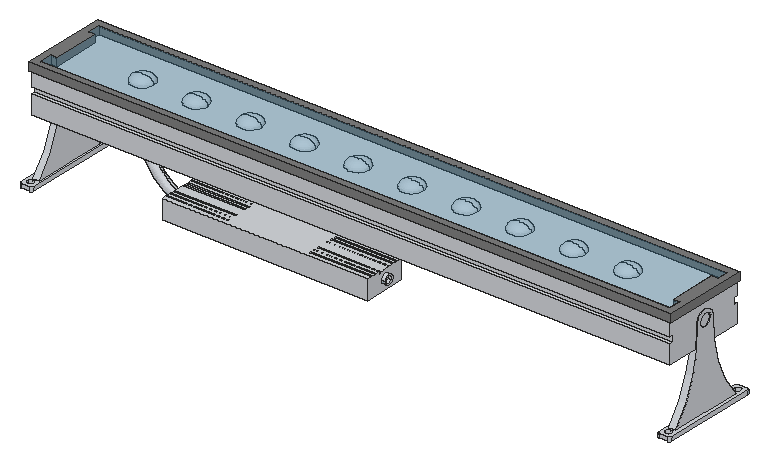
Revit family "WALL WASHER HIGH POWER LED 50CM_LK1036WW.30", category Luminarias, Revit 2019
Family settings
  Cota de conector redondo = Diámetro de uso
  Tipo de pieza = Normal
  Se basa en plano de trabajo = Sí
  Siempre vertical = No
  Corte con vacíos al cargar = No
  Origen de luz = Sí
  Compartido = No
  Punto de cálculo de habitación = No
Parameters (values of type "REFL_LK1036WW.30")
  Ángulo de inclinación = 60.00°
  Zone [instance] = ""
  Watt per fixture = 20.8
  Wattage = 20.8 W
  built-in parameter 1150107 = 3000 (stored number, unit not read)
  built-in parameter 1150110 = 1 (stored number, unit not read)
  built-in parameter 1150109 = 1 (stored number, unit not read)
  built-in parameter 1150112 = 1 (stored number, unit not read)
  built-in parameter 1150113 = 1 (stored number, unit not read)
  built-in parameter 1114218 = 1 (stored number, unit not read)
  Keynote = ""
  built-in parameter 1150137 = (empty or 0)
  built-in parameter 1150132 = (empty or 0)
  Modelo = "LK1036WW.30"
  Lámpara = "OSRAM"
  Longitud de línea de emisión = 400 mm
  built-in parameter 1150105 = 106.46 (stored number, unit not read)
  built-in parameter 1150102 = (empty or 0)
  built-in parameter 1150106 = 1.0646 (stored number, unit not read)
  Lumens = 1337.86 lm
  Color Filter = 16777215
  built-in parameter 1114217 = 1 (stored number, unit not read)
  built-in parameter 1150139 = (empty or 0)
  Fabricante = "BRILLANT"
  Default Elevation = 0 mm
  built-in parameter 1150104 = 5.9755 (stored number, unit not read)
  Descripción = "LUMINARIA TIPO REFLECTOR LINEAL, WALL WASHER , CUERPO DE ALUMINIO EXTRUIDO CON POLVO GRIS, VIDRIO TEMPLADO DE 3MM ADEMAS DEL SELLADO CON SILICON EN VIDRIO Y HOUSING, CUENTA CON 10 LED TIPO OSRAM CON UN CONSUMO TOTAL DE 20.8W, 1338 LUMENES, CON UNA TEMPERATURA EN BLANCO CALIDO A 3000K, IP 66, IRC 80, IK 05, CABLE H05RN DE 0.5M, APERTURA DE 30 GRADOS EN STOCK, ALIMENTADA CON FUENTE REMOTA A 100-277V."
  built-in parameter 1150115 = 1 (stored number, unit not read)
  built-in parameter 1150114 = 1 (stored number, unit not read)
  Comentarios de vataje = "100-277V"
  built-in parameter 1150138 = (empty or 0)
  built-in parameter 1150134 = (empty or 0)
  Circuit [instance] = ""
  Dimming Lamp Color Temperature Shift = 1
  Archivo de red fotométrica = "LK1036WW.IES"
  built-in parameter 1150133 = 10 (stored number, unit not read)
Reference planes
  plane 1 "Centro (Frontal/Posterior)": y = 0
  plane 2: z = 0
  plane 3 "Centro (Izquierda/Derecha)": x = 0
  plane 4: x = -250
  plane 5: x = 250
  plane 6: z = 86
  plane 7: z = 3
  plane 8: x = 0
Forms (mm)
  Extrusion 1, solid, material "Aluminio"
    sketch origin (0, 0, 0) x (1, 0, 0) y (0, 1, 0)
      loop
        line (-250, 33.5) -> (-250, -33.5) -> (250, -33.5) -> (250, 33.5) -> (-250, 33.5)
      loop
        line (-245, -28.5) -> (245, -28.5) -> (245, -18.5) -> (240, -18.5) -> (240, 18.5) -> (245, 18.5) -> (245, 28.5) -> (-245, 28.5) -> (-245, 18.5) -> (-240, 18.5) -> (-240, -18.5) -> (-245, -18.5) -> (-245, -28.5)
    from 86 to 79.969
  Extrusion 2, solid
    sketch origin (0, 0, 0) x (1, 0, 0) y (0, 1, 0)
      loop
        arc (-245.182, -38.75) -> (-243.931, -38.232) -> (-243.412, -36.98) r 1.77
        line (-243.412, -36.98) -> (-243.412, 36.98)
        arc (-243.412, 36.98) -> (-243.931, 38.232) -> (-245.182, 38.75) r 1.77
        line (-245.182, 38.75) -> (-251.643, 38.75)
        arc (-251.643, 38.75) -> (-252.894, 38.232) -> (-253.412, 36.98) r 1.77
        line (-253.412, 36.98) -> (-253.412, -36.98)
        arc (-253.412, -36.98) -> (-252.894, -38.232) -> (-251.643, -38.75) r 1.77
        line (-251.643, -38.75) -> (-245.182, -38.75)
      loop
        circle (-248.412, -33.75) r 2.617
      loop
        circle (-248.412, 33.75) r 2.617
      loop
        line (245.182, -38.75) -> (251.643, -38.75)
        arc (251.643, -38.75) -> (252.894, -38.232) -> (253.412, -36.98) r 1.77
        line (253.412, -36.98) -> (253.412, 36.98)
        arc (253.412, 36.98) -> (252.894, 38.232) -> (251.643, 38.75) r 1.77
        line (251.643, 38.75) -> (245.182, 38.75)
        arc (245.182, 38.75) -> (243.931, 38.232) -> (243.412, 36.98) r 1.77
        line (243.412, 36.98) -> (243.412, -36.98)
        arc (243.412, -36.98) -> (243.931, -38.232) -> (245.182, -38.75) r 1.77
      loop
        circle (248.412, -33.75) r 2.617
      loop
        circle (248.412, 33.75) r 2.617
    from 0 to 3
  Extrusion 3, solid
    sketch origin (0, 0, 57.505) x (0, -1, 0) y (0, 0, -1)
      loop
        circle (0, -9.725) r 5
      loop
        arc (-7.232, -9.725) -> (0, -16.957) -> (7.232, -9.725) r 7.232
        arc (7.232, -9.725) -> (12.387, 24.386) -> (29.21, 54.505) r 96.512
        line (29.21, 54.505) -> (0.469, 54.505) -> (0.469, 19.505) -> (-0.469, 19.505) -> (-0.469, 54.505) -> (-29.21, 54.505)
        arc (-29.21, 54.505) -> (-12.387, 24.386) -> (-7.232, -9.725) r 96.512
    from 245 to 250
  Extrusion 4, solid, material "Cristal"
    sketch origin (0, 0, 0) x (1, 0, 0) y (0, 1, 0)
      loop
        line (-245, 28.5) -> (-245, 18.5) -> (-240, 18.5) -> (-240, -18.5) -> (-245, -18.5) -> (-245, -28.5) -> (245, -28.5) -> (245, -18.5) -> (240, -18.5) -> (240, 18.5) -> (245, 18.5) -> (245, 28.5) -> (-245, 28.5)
    from 86 to 85.337
  Revolve 5, solid
    sketch origin (0, 0, 1.84) x (1, 0, 0) y (0, 0, 1)
      loop
        line (105.714, 83.128) -> (105.714, 78.128) -> (114.371, 78.128)
        spline (114.371, 78.128) -> (114.297, 78.781) -> (114.076, 79.422) -> (113.712, 80.042) -> (113.211, 80.628) -> (112.582, 81.172) -> (111.835, 81.664) -> (110.984, 82.095) -> (110.043, 82.458) -> (109.027, 82.748) -> (107.955, 82.958) -> (106.844, 83.085) -> (105.714, 83.128)
      axis (105.714, 78.128) -> (105.714, 83.128)
    angle from 0 to 360
  Revolve 6, solid
    sketch origin (-42, 0, 1.84) x (1, 0, 0) y (0, 0, 1)
      loop
        line (105.714, 83.128) -> (105.714, 78.128) -> (114.371, 78.128)
        spline (114.371, 78.128) -> (114.297, 78.781) -> (114.076, 79.422) -> (113.712, 80.042) -> (113.211, 80.628) -> (112.582, 81.172) -> (111.835, 81.664) -> (110.984, 82.095) -> (110.043, 82.458) -> (109.027, 82.748) -> (107.955, 82.958) -> (106.844, 83.085) -> (105.714, 83.128)
      axis (105.714, 78.128) -> (105.714, 83.128)
    angle from 0 to 360
  Revolve 7, solid
    sketch origin (-84, 0, 1.84) x (1, 0, 0) y (0, 0, 1)
      loop
        line (105.714, 83.128) -> (105.714, 78.128) -> (114.371, 78.128)
        spline (114.371, 78.128) -> (114.297, 78.781) -> (114.076, 79.422) -> (113.712, 80.042) -> (113.211, 80.628) -> (112.582, 81.172) -> (111.835, 81.664) -> (110.984, 82.095) -> (110.043, 82.458) -> (109.027, 82.748) -> (107.955, 82.958) -> (106.844, 83.085) -> (105.714, 83.128)
      axis (105.714, 78.128) -> (105.714, 83.128)
    angle from 0 to 360
  Revolve 8, solid
    sketch origin (-126, 0, 1.84) x (1, 0, 0) y (0, 0, 1)
      loop
        line (105.714, 83.128) -> (105.714, 78.128) -> (114.371, 78.128)
        spline (114.371, 78.128) -> (114.297, 78.781) -> (114.076, 79.422) -> (113.712, 80.042) -> (113.211, 80.628) -> (112.582, 81.172) -> (111.835, 81.664) -> (110.984, 82.095) -> (110.043, 82.458) -> (109.027, 82.748) -> (107.955, 82.958) -> (106.844, 83.085) -> (105.714, 83.128)
      axis (105.714, 78.128) -> (105.714, 83.128)
    angle from 0 to 360
  Revolve 9, solid
    sketch origin (-168, 0, 1.84) x (1, 0, 0) y (0, 0, 1)
      loop
        line (105.714, 83.128) -> (105.714, 78.128) -> (114.371, 78.128)
        spline (114.371, 78.128) -> (114.297, 78.781) -> (114.076, 79.422) -> (113.712, 80.042) -> (113.211, 80.628) -> (112.582, 81.172) -> (111.835, 81.664) -> (110.984, 82.095) -> (110.043, 82.458) -> (109.027, 82.748) -> (107.955, 82.958) -> (106.844, 83.085) -> (105.714, 83.128)
      axis (105.714, 78.128) -> (105.714, 83.128)
    angle from 0 to 360
  Revolve 10, solid
    sketch origin (-210, 0, 1.84) x (1, 0, 0) y (0, 0, 1)
      loop
        line (105.714, 83.128) -> (105.714, 78.128) -> (114.371, 78.128)
        spline (114.371, 78.128) -> (114.297, 78.781) -> (114.076, 79.422) -> (113.712, 80.042) -> (113.211, 80.628) -> (112.582, 81.172) -> (111.835, 81.664) -> (110.984, 82.095) -> (110.043, 82.458) -> (109.027, 82.748) -> (107.955, 82.958) -> (106.844, 83.085) -> (105.714, 83.128)
      axis (105.714, 78.128) -> (105.714, 83.128)
    angle from 0 to 360
  Extrusion 11, solid
    sketch origin (-86.286, 0, 0) x (1, 0, 0) y (0, 1, 0)
      loop
        circle (-102, 0) r 7.477
    from 46.607 to 49.683
  Extrusion 12, solid
    sketch origin (-86.286, 0, 0) x (1, 0, 0) y (0, 1, 0)
      loop
        line (-102, 7.477) -> (-108.476, 3.739) -> (-108.476, -3.739) -> (-102, -7.477) -> (-95.524, -3.739) -> (-95.524, 3.739) -> (-102, 7.477)
    from 43.841 to 46.607
  Extrusion 13, solid
    sketch origin (0, 0, 0) x (1, 0, 0) y (0, 1, 0)
      loop
        line (-248.412, 32.016) -> (-248.412, -32.654) -> (248.545, -32.654) -> (248.545, 32.016) -> (-248.412, 32.016)
    from 49.683 to 79.969
  Revolve 14, solid
    sketch origin (42, 0, 1.84) x (1, 0, 0) y (0, 0, 1)
      loop
        line (105.714, 83.128) -> (105.714, 78.128) -> (114.371, 78.128)
        spline (114.371, 78.128) -> (114.297, 78.781) -> (114.076, 79.422) -> (113.712, 80.042) -> (113.211, 80.628) -> (112.582, 81.172) -> (111.835, 81.664) -> (110.984, 82.095) -> (110.043, 82.458) -> (109.027, 82.748) -> (107.955, 82.958) -> (106.844, 83.085) -> (105.714, 83.128)
      axis (105.714, 78.128) -> (105.714, 83.128)
    angle from 0 to 360
  Revolve 15, solid
    sketch origin (84, 0, 1.84) x (1, 0, 0) y (0, 0, 1)
      loop
        line (105.714, 83.128) -> (105.714, 78.128) -> (114.371, 78.128)
        spline (114.371, 78.128) -> (114.297, 78.781) -> (114.076, 79.422) -> (113.712, 80.042) -> (113.211, 80.628) -> (112.582, 81.172) -> (111.835, 81.664) -> (110.984, 82.095) -> (110.043, 82.458) -> (109.027, 82.748) -> (107.955, 82.958) -> (106.844, 83.085) -> (105.714, 83.128)
      axis (105.714, 78.128) -> (105.714, 83.128)
    angle from 0 to 360
  Revolve 16, solid
    sketch origin (-252, 0, 1.84) x (1, 0, 0) y (0, 0, 1)
      loop
        line (105.714, 83.128) -> (105.714, 78.128) -> (114.371, 78.128)
        spline (114.371, 78.128) -> (114.297, 78.781) -> (114.076, 79.422) -> (113.712, 80.042) -> (113.211, 80.628) -> (112.582, 81.172) -> (111.835, 81.664) -> (110.984, 82.095) -> (110.043, 82.458) -> (109.027, 82.748) -> (107.955, 82.958) -> (106.844, 83.085) -> (105.714, 83.128)
      axis (105.714, 78.128) -> (105.714, 83.128)
    angle from 0 to 360
  Revolve 17, solid
    sketch origin (-294, 0, 1.84) x (1, 0, 0) y (0, 0, 1)
      loop
        line (105.714, 83.128) -> (105.714, 78.128) -> (114.371, 78.128)
        spline (114.371, 78.128) -> (114.297, 78.781) -> (114.076, 79.422) -> (113.712, 80.042) -> (113.211, 80.628) -> (112.582, 81.172) -> (111.835, 81.664) -> (110.984, 82.095) -> (110.043, 82.458) -> (109.027, 82.748) -> (107.955, 82.958) -> (106.844, 83.085) -> (105.714, 83.128)
      axis (105.714, 78.128) -> (105.714, 83.128)
    angle from 0 to 360
  Extrusion 18, void
    sketch origin (0, 0, 0) x (0, 1, 0) y (0, 0, 1)
      loop
        line (-32.654, 69.191) -> (-32.654, 64.191) -> (-29.884, 64.191) -> (-29.884, 69.191) -> (-32.654, 69.191)
      loop
        line (32.654, 69.191) -> (29.884, 69.191) -> (29.884, 64.191) -> (32.654, 64.191) -> (32.654, 69.191)
    from -250 to 250
  Extrusion 19, solid
    sketch origin (0, 0, 57.505) x (0, -1, 0) y (0, 0, 1)
      loop
        circle (0, 9.725) r 5
      loop
        arc (-7.232, 9.725) -> (-12.387, -24.386) -> (-29.21, -54.505) r 96.512
        line (-29.21, -54.505) -> (-0.469, -54.505) -> (-0.469, -19.505) -> (0.469, -19.505) -> (0.469, -54.505) -> (29.21, -54.505)
        arc (29.21, -54.505) -> (12.387, -24.386) -> (7.232, 9.725) r 96.512
        arc (7.232, 9.725) -> (0, 16.957) -> (-7.232, 9.725) r 7.232
    from 245 to 250
  Extrusion 20, solid
    sketch origin (0, 0, 0) x (1, 0, 0) y (0, 1, 0)
      loop
        line (-159.783, 16) -> (-159.783, -16) -> (0.217, -16) -> (0.217, 16) -> (-159.783, 16)
    from 0 to 15
  Extrusion 21, void
    sketch origin (0, 0, 0) x (1, 0, 0) y (0, 1, 0)
      loop
        line (-159.783, 12.695) -> (-159.783, 11.445) -> (-111.686, 11.445) -> (-111.686, 12.695) -> (-159.783, 12.695)
      loop
        line (-159.783, 8.945) -> (-159.783, 7.695) -> (-111.686, 7.695) -> (-111.686, 8.945) -> (-159.783, 8.945)
      loop
        line (-159.783, 5.195) -> (-159.783, 3.945) -> (-111.686, 3.945) -> (-111.686, 5.195) -> (-159.783, 5.195)
      loop
        line (-159.783, -12.695) -> (-111.686, -12.695) -> (-111.686, -11.445) -> (-159.783, -11.445) -> (-159.783, -12.695)
      loop
        line (-159.783, -8.945) -> (-111.686, -8.945) -> (-111.686, -7.695) -> (-159.783, -7.695) -> (-159.783, -8.945)
      loop
        line (-159.783, -5.195) -> (-111.686, -5.195) -> (-111.686, -3.945) -> (-159.783, -3.945) -> (-159.783, -5.195)
      loop
        line (0.217, 12.695) -> (-47.88, 12.695) -> (-47.88, 11.445) -> (0.217, 11.445) -> (0.217, 12.695)
      loop
        line (0.217, 8.945) -> (-47.88, 8.945) -> (-47.88, 7.695) -> (0.217, 7.695) -> (0.217, 8.945)
      loop
        line (0.217, 5.195) -> (-47.88, 5.195) -> (-47.88, 3.945) -> (0.217, 3.945) -> (0.217, 5.195)
      loop
        line (0.217, -12.695) -> (0.217, -11.445) -> (-47.88, -11.445) -> (-47.88, -12.695) -> (0.217, -12.695)
      loop
        line (0.217, -8.945) -> (0.217, -7.695) -> (-47.88, -7.695) -> (-47.88, -8.945) -> (0.217, -8.945)
      loop
        line (0.217, -5.195) -> (0.217, -3.945) -> (-47.88, -3.945) -> (-47.88, -5.195) -> (0.217, -5.195)
    from 13.385 to 15
  Extrusion 22, solid
    sketch origin (0, 0, 0) x (0, 1, 0) y (0, 0, 1)
      loop
        circle (0, 8.771) r 3.442
      loop
        line (2.746, 10.356) -> (0, 11.942) -> (-2.746, 10.356) -> (-2.746, 7.185) -> (0, 5.6) -> (2.746, 7.185) -> (2.746, 10.356)
    from -163.333 to -156.969
  Extrusion 23, solid
    sketch origin (-124.565, 0, 0) x (0, 1, 0) y (0, 0, -1)
      loop
        circle (0, -8.771) r 3.442
      loop
        line (2.746, -10.356) -> (2.746, -7.185) -> (0, -5.6) -> (-2.746, -7.185) -> (-2.746, -10.356) -> (0, -11.942) -> (2.746, -10.356)
    from -128.252 to -124.565
  Sweep 24, solid
    path origin (17.303, 0, 13.216) x (1, 0, 0) y (0, 0, 1)
      loop
        arc (-188.601, 37.696) -> (-183.417, 21.627) -> (-170.773, 10.436) r 31.987
    profile origin (-166.114, 0, 34.843) x (0.836903, 0, 0.547351) y (0, -1, 0)
      loop
        circle (-16.782, 0) r 3.712
Cuts and joins
  Extrusion 18 cuts Extrusion 13
  Extrusion 21 cuts Extrusion 20
Dimensions and locks
  equal spacing: plane 4, plane 3 "Centro (Izquierda/Derecha)", plane 5
  plane 4 to plane 5 = 500 mm
  plane 4 to plane 3 "Centro (Izquierda/Derecha)" = 250 mm
  plane 6 to plane 2 = 86 mm
  plane 6 to level = 86 mm
  plane 7 to level = 3 mm
  aligned and locked: level to plane 2
  aligned and locked: plane 7 to Extrusion 2
  aligned and locked: Extrusion 1 to plane 6
  aligned and locked: Extrusion 1 to Extrusion 4
  aligned and locked: Extrusion 1 to Extrusion 18  (x2)
  aligned and locked: Extrusion 1 to Extrusion 3
  aligned and locked: Extrusion 3 to Extrusion 1
Automatic sketch dimensions
  Extrusion 1 sketch curve to plane 4 = 0 mm
  Extrusion 1 sketch curve to plane 5 = 0 mm
  plane 4 to Extrusion 1 sketch curve = 5 mm  (x2)
  Extrusion 1 sketch curve to Extrusion 1 sketch curve = 5 mm  (x4)
  Extrusion 1 sketch curve to plane 5 = 10 mm
  Extrusion 1 sketch curve to plane 5 = 5 mm
  plane 1 "Centro (Frontal/Posterior)" to Extrusion 1 sketch curve = 33.5 mm
  Extrusion 1 sketch curve to Extrusion 1 sketch curve = 10 mm  (x3)
  Extrusion 1 sketch curve to plane 1 "Centro (Frontal/Posterior)" = 18.5 mm  (x2)
  Extrusion 2 sketch curve to plane 4 = 3.412 mm
  Extrusion 2 sketch curve to plane 4 = 1.643 mm  (x2)
  plane 4 to Extrusion 2 sketch curve = 1.588 mm  (x2)
  plane 4 to Extrusion 2 sketch curve = 4.818 mm
  Extrusion 2 sketch curve to Extrusion 2 sketch curve = 3.23 mm  (x5)
  Extrusion 2 sketch curve to Extrusion 2 sketch curve = 1.77 mm  (x4)
  Extrusion 2 sketch curve to plane 5 = 6.588 mm
  Extrusion 2 sketch curve to plane 5 = 1.588 mm  (x2)
  plane 5 to Extrusion 2 sketch curve = 1.643 mm  (x2)
  plane 1 "Centro (Frontal/Posterior)" to Extrusion 2 sketch curve = 38.75 mm  (x2)
  Extrusion 2 sketch curve to plane 1 "Centro (Frontal/Posterior)" = 33.75 mm  (x2)
  Extrusion 3 sketch curve to Extrusion 3 sketch curve = 0 mm  (x2)
  Extrusion 3 sketch curve to plane 7 = 0 mm  (x2)
  Extrusion 3 sketch curve to plane 1 "Centro (Frontal/Posterior)" = 0 mm
  Extrusion 3 sketch curve to plane 1 "Centro (Frontal/Posterior)" = 0.469 mm
  Extrusion 3 sketch curve to Extrusion 3 sketch curve = 28.741 mm  (x2)
  Extrusion 3 sketch curve to plane 6 = 21.636 mm  (x2)
  Extrusion 3 sketch curve to Extrusion 3 sketch curve = 74.492 mm
  plane 1 "Centro (Frontal/Posterior)" to Extrusion 3 sketch curve = 0.469 mm
  Extrusion 3 sketch curve to plane 6 = 18.77 mm
  Extrusion 3 sketch curve to Extrusion 3 sketch curve = 29.23 mm
  plane 4 to Extrusion 4 sketch curve = 5 mm  (x2)
  Extrusion 4 sketch curve to Extrusion 4 sketch curve = 5 mm  (x2)
  Extrusion 4 sketch curve to plane 5 = 10 mm
  Extrusion 4 sketch curve to plane 5 = 5 mm
  plane 1 "Centro (Frontal/Posterior)" to Extrusion 4 sketch curve = 28.5 mm
  Extrusion 4 sketch curve to Extrusion 4 sketch curve = 10 mm  (x3)
  Extrusion 4 sketch curve to plane 1 "Centro (Frontal/Posterior)" = 18.5 mm  (x2)
  Revolve 5 sketch curve to plane 6 = 1.031 mm
  plane 3 "Centro (Izquierda/Derecha)" to Revolve 5 sketch curve = 105.714 mm
  Revolve 5 sketch curve to Revolve 5 sketch curve = 0 mm  (x3)
  Revolve 5 sketch curve to Revolve 5 sketch curve = 8.657 mm
  Revolve 5 sketch curve to Revolve 5 sketch curve = 5 mm
  plane 6 to Revolve 5 sketch curve = 15.857 mm
  Revolve 6 sketch curve to plane 6 = 1.031 mm
  plane 3 "Centro (Izquierda/Derecha)" to Revolve 6 sketch curve = 63.714 mm
  Revolve 6 sketch curve to Revolve 6 sketch curve = 0 mm  (x3)
  Revolve 6 sketch curve to Revolve 6 sketch curve = 8.657 mm
  Revolve 6 sketch curve to Revolve 6 sketch curve = 5 mm
  plane 6 to Revolve 6 sketch curve = 15.857 mm
  Revolve 7 sketch curve to plane 6 = 1.031 mm
  plane 3 "Centro (Izquierda/Derecha)" to Revolve 7 sketch curve = 21.714 mm
  Revolve 7 sketch curve to Revolve 7 sketch curve = 0 mm  (x3)
  Revolve 7 sketch curve to Revolve 7 sketch curve = 8.657 mm
  Revolve 7 sketch curve to Revolve 7 sketch curve = 5 mm
  plane 6 to Revolve 7 sketch curve = 15.857 mm
  Revolve 8 sketch curve to plane 6 = 1.031 mm
  Revolve 8 sketch curve to plane 3 "Centro (Izquierda/Derecha)" = 20.286 mm
  Revolve 8 sketch curve to Revolve 8 sketch curve = 0 mm  (x3)
  Revolve 8 sketch curve to Revolve 8 sketch curve = 8.657 mm
  Revolve 8 sketch curve to Revolve 8 sketch curve = 5 mm
  plane 6 to Revolve 8 sketch curve = 15.857 mm
  Revolve 9 sketch curve to plane 6 = 1.031 mm
  Revolve 9 sketch curve to plane 3 "Centro (Izquierda/Derecha)" = 62.286 mm
  Revolve 9 sketch curve to Revolve 9 sketch curve = 0 mm  (x3)
  Revolve 9 sketch curve to Revolve 9 sketch curve = 8.657 mm
  Revolve 9 sketch curve to Revolve 9 sketch curve = 5 mm
  plane 6 to Revolve 9 sketch curve = 15.857 mm
  Revolve 10 sketch curve to plane 6 = 1.031 mm
  Revolve 10 sketch curve to plane 3 "Centro (Izquierda/Derecha)" = 104.286 mm
  Revolve 10 sketch curve to Revolve 10 sketch curve = 0 mm  (x3)
  Revolve 10 sketch curve to Revolve 10 sketch curve = 8.657 mm
  Revolve 10 sketch curve to Revolve 10 sketch curve = 5 mm
  plane 6 to Revolve 10 sketch curve = 15.857 mm
  plane 1 "Centro (Frontal/Posterior)" to Extrusion 11 sketch curve = 0 mm
  plane 4 to Extrusion 11 sketch curve = 61.714 mm
  plane 4 to Extrusion 13 sketch curve = 1.588 mm
  Extrusion 13 sketch curve to plane 5 = 1.455 mm
  plane 1 "Centro (Frontal/Posterior)" to Extrusion 13 sketch curve = 32.654 mm
  Extrusion 13 sketch curve to plane 1 "Centro (Frontal/Posterior)" = 32.016 mm
  Revolve 14 sketch curve to plane 6 = 1.031 mm
  Revolve 14 sketch curve to plane 5 = 102.286 mm
  Revolve 14 sketch curve to Revolve 14 sketch curve = 0 mm  (x3)
  Revolve 14 sketch curve to Revolve 14 sketch curve = 8.657 mm
  Revolve 14 sketch curve to Revolve 14 sketch curve = 5 mm
  plane 6 to Revolve 14 sketch curve = 15.857 mm
  Revolve 15 sketch curve to plane 6 = 1.031 mm
  Revolve 15 sketch curve to plane 5 = 60.286 mm
  Revolve 15 sketch curve to Revolve 15 sketch curve = 0 mm  (x3)
  Revolve 15 sketch curve to Revolve 15 sketch curve = 8.657 mm
  Revolve 15 sketch curve to Revolve 15 sketch curve = 5 mm
  plane 6 to Revolve 15 sketch curve = 15.857 mm
  Revolve 16 sketch curve to plane 6 = 1.031 mm
  plane 4 to Revolve 16 sketch curve = 103.714 mm
  Revolve 16 sketch curve to Revolve 16 sketch curve = 0 mm  (x3)
  Revolve 16 sketch curve to Revolve 16 sketch curve = 8.657 mm
  Revolve 16 sketch curve to Revolve 16 sketch curve = 5 mm
  plane 6 to Revolve 16 sketch curve = 15.857 mm
  Revolve 17 sketch curve to plane 6 = 1.031 mm
  plane 4 to Revolve 17 sketch curve = 61.714 mm
  Revolve 17 sketch curve to Revolve 17 sketch curve = 0 mm  (x3)
  Revolve 17 sketch curve to Revolve 17 sketch curve = 8.657 mm
  Revolve 17 sketch curve to Revolve 17 sketch curve = 5 mm
  plane 6 to Revolve 17 sketch curve = 15.857 mm
  plane 1 "Centro (Frontal/Posterior)" to Extrusion 18 sketch curve = 32.654 mm
  Extrusion 18 sketch curve to Extrusion 18 sketch curve = 2.77 mm  (x2)
  Extrusion 18 sketch curve to plane 1 "Centro (Frontal/Posterior)" = 29.884 mm
  Extrusion 18 sketch curve to plane 6 = 21.809 mm  (x2)
  Extrusion 18 sketch curve to Extrusion 18 sketch curve = 5 mm  (x2)
  Extrusion 19 sketch curve to Extrusion 19 sketch curve = 0 mm  (x2)
  Extrusion 19 sketch curve to plane 7 = 0 mm  (x2)
  Extrusion 19 sketch curve to plane 1 "Centro (Frontal/Posterior)" = 0 mm
  Extrusion 19 sketch curve to plane 1 "Centro (Frontal/Posterior)" = 0.469 mm
  Extrusion 19 sketch curve to Extrusion 19 sketch curve = 28.741 mm  (x2)
  Extrusion 19 sketch curve to plane 6 = 21.636 mm  (x2)
  Extrusion 19 sketch curve to Extrusion 19 sketch curve = 74.492 mm
  plane 1 "Centro (Frontal/Posterior)" to Extrusion 19 sketch curve = 0.469 mm
  Extrusion 19 sketch curve to Extrusion 19 sketch curve = 35 mm
  Extrusion 19 sketch curve to plane 6 = 18.77 mm
  plane 1 "Centro (Frontal/Posterior)" to Extrusion 20 sketch curve = 16 mm
  plane 4 to Extrusion 20 sketch curve = 90.217 mm
  plane 3 "Centro (Izquierda/Derecha)" to Extrusion 20 sketch curve = 0.217 mm
  Extrusion 20 sketch curve to plane 1 "Centro (Frontal/Posterior)" = 16 mm
  Extrusion 21 sketch curve to plane 1 "Centro (Frontal/Posterior)" = 12.695 mm
  plane 4 to Extrusion 21 sketch curve = 90.217 mm
  plane 1 "Centro (Frontal/Posterior)" to Extrusion 21 sketch curve = 3.945 mm  (x2)
  Extrusion 21 sketch curve to Extrusion 21 sketch curve = 0 mm  (x20)
  Extrusion 21 sketch curve to plane 1 "Centro (Frontal/Posterior)" = 3.945 mm  (x2)
  Extrusion 21 sketch curve to Extrusion 21 sketch curve = 48.097 mm
  Extrusion 21 sketch curve to plane 3 "Centro (Izquierda/Derecha)" = 47.88 mm
  plane 3 "Centro (Izquierda/Derecha)" to Extrusion 21 sketch curve = 0.217 mm
  Extrusion 21 sketch curve to Extrusion 21 sketch curve = 1.25 mm  (x12)
  Extrusion 21 sketch curve to Extrusion 21 sketch curve = 2.5 mm  (x7)
  Extrusion 22 sketch curve to plane 1 "Centro (Frontal/Posterior)" = 0 mm  (x3)
  plane 1 "Centro (Frontal/Posterior)" to Extrusion 22 sketch curve = 2.746 mm
  Extrusion 22 sketch curve to plane 1 "Centro (Frontal/Posterior)" = 2.746 mm
  plane 7 to Extrusion 22 sketch curve = 2.6 mm
  Extrusion 22 sketch curve to Extrusion 22 sketch curve = 1.585 mm  (x6)
  Extrusion 23 sketch curve to plane 1 "Centro (Frontal/Posterior)" = 0 mm  (x3)
  plane 1 "Centro (Frontal/Posterior)" to Extrusion 23 sketch curve = 2.746 mm
  Extrusion 23 sketch curve to plane 1 "Centro (Frontal/Posterior)" = 2.746 mm
  plane 7 to Extrusion 23 sketch curve = 8.942 mm
  Extrusion 23 sketch curve to Extrusion 23 sketch curve = 1.585 mm  (x3)
  Extrusion 23 sketch curve to Extrusion 23 sketch curve = 3.171 mm  (x2)
  plane 7 to Extrusion 23 sketch curve = 2.6 mm
  Sweep 24 sketch curve to plane 1 "Centro (Frontal/Posterior)" = 0 mm
  profile plane to Sweep 24 sketch curve = 16.782 mm
  Sweep 24 sketch curve to plane 6 = 33.649 mm
  plane 4 to Sweep 24 sketch curve = 110.656 mm
  plane 7 to Sweep 24 sketch curve = 20.652 mm
  Sweep 24 sketch curve to Sweep 24 sketch curve = 14.126 mm
  Sweep 24 sketch curve to Sweep 24 sketch curve = 31.954 mm
  radius of Extrusion 2 sketch curve = 2.617 mm  (x4)
  radius of Extrusion 3 sketch curve = 5 mm
  radius of Extrusion 11 sketch curve = 7.477 mm
  radius of Extrusion 19 sketch curve = 5 mm
  radius of Extrusion 22 sketch curve = 3.442 mm
  radius of Extrusion 23 sketch curve = 3.442 mm
  radius of Sweep 24 sketch curve = 3.712 mm
Connectors
  electrical at (3.687, 0, 8.771)
    settings: on Extrusion 23, index 1, voltage 277 V, apparent load 0 VA, apparent load phase1 0 VA, apparent load phase2 0 VA, apparent load phase3 0 VA, power factor 1, load classification "Otro", number of poles 1, system type 31, power factor state 1, is connector primary yes, connector utility no, sub classification motor no, connector description ""
